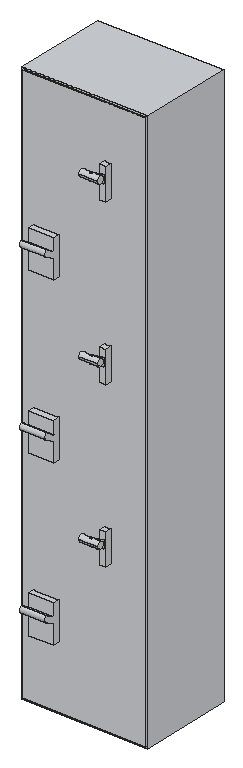
Revit family "a177418ecd074a958560db42984f9a09", category Electrical Equipment, Revit 2021
Family settings
  Round Connector Dimension = Use Diameter
  Part Type = Switchboard
  OmniClass Number = 23.80.30.11.17
  OmniClass Title = Distribution Boards and Control Panels
  Seek Item ID = Modular Motor Control Centers - Circuit Breaker Section-0000-USA-ENU
  Work Plane-Based = No
  Always vertical = Yes
  Cut with Voids When Loaded = No
  Shared = No
  Room Calculation Point = No
Parameters (values of type "20"X15"")
  Switch Voltage = 480 V
  Switch Material = none
  built-in parameter 1140142 [instance] = -1
  Number of Poles = 3
  built-in parameter 1155150 [instance] = 3
  MCC Width = Cabinet Width + 0' 4"  # 1' - 7"
  MCC Material = none
  built-in parameter 1140140 [instance] = 1 (stored number, unit not read)
  Load Classification = HVAC
  Half Length = Cabinet Length / 2  # 0' - 10"
  built-in parameter 1155100 [instance] = -1
  built-in parameter 1140083 [instance] = "Type 12"
  Default Elevation = 0' - 0"
  built-in parameter 1140087 [instance] = element -7000011
  Cabinet Width = 1' - 3"
  Cabinet Length = 1' - 8"
Types (4): name | MCC Width | Half Length | Cabinet Width | Cabinet Length
  (no name) | 1' - 7" | 0' - 10" | 1' - 3" | 1' - 8"
  20"X15" | 1' - 7" | 0' - 10" | 1' - 3" | 1' - 8"
  20"X20" | 2' - 0" | 0' - 10" | 1' - 8" | 1' - 8"
  24"X20" | 2' - 0" | 1' - 0" | 1' - 8" | 2' - 0"
Reference planes (in)
  plane 1 "Center (Front/Back)": y = 0
  plane 2: z = 0
  plane 3 "Center (Left/Right)": x = 0
  plane 4: y = -19
  plane 5: x = -10
  plane 6: x = 10
  plane 7: y = -15
  plane 8: z = 90
  plane 9: y = -15.125
  plane 10: x = -9.75
  plane 11: x = 9.75
  plane 12: z = 89.75
  plane 13: z = 0.25
  plane 14: x = -8
  plane 15: x = -4
  plane 16: y = -17.125
  plane 17: y = -17.625
  plane 18: z = 81.25
  plane 19: z = 76.25
  plane 20: x = -6
  plane 21: z = 78.25
  plane 22: x = 3.75
  plane 23: x = 3.25
  plane 24: x = 4.25
  plane 25: x = 3.625
  plane 26: x = 3.875
  plane 27: x = 2.25
  plane 28: x = 5.25
  plane 29: y = -16.125
  plane 30: z = 79.98919
  plane 31: z = 78.75
  plane 32: y = -18.5
  plane 33: y = -7.5
  plane 34: z = 80.7408
  plane 35: z = 62.25
  plane 36: z = 68.25
  plane 37: z = 65.25
  plane 38: z = 55.25
  plane 39: z = 50.25
  plane 40: z = 36.25
  plane 41: z = 42.25
  plane 42: z = 29.25
  plane 43: z = 24.25
  plane 44: z = 10.25
  plane 45: z = 16.25
  plane 46: z = 54.7408
  plane 47: z = 28.7408
Forms (in)
  Extrusion 1, solid, material <- "MCC Material"
    sketch origin (0, 0, 0) x (1, 0, 0) y (0, 1, 0)
      loop
        line (-10, -15) -> (10, -15) -> (10, 0) -> (-10, 0) -> (-10, -15)
    from 90 to 0
  Extrusion 2, solid, material <- "MCC Material", detail levels fine
    sketch origin (0, 0, 0) x (1, 0, 0) y (0, 1, 0)
      loop
        line (-9.75, -15.125) -> (9.75, -15.125) -> (9.75, -15) -> (-9.75, -15) -> (-9.75, -15.125)
    from 0.25 to 89.75
  Extrusion 3, solid, material <- "Switch Material", detail levels fine
    sketch origin (0, 0, 0) x (1, 0, 0) y (0, 0, 1)
      loop
        line (3.25, 76.25) -> (4.25, 76.25) -> (4.25, 81.25) -> (3.25, 81.25) -> (3.25, 76.25)
    from 16.125 to 15.125
  Extrusion 4, solid, material <- "Switch Material", detail levels fine
    sketch origin (0, 0, 0) x (0, 1, 0) y (0, 0, 1)
      loop
        line (-16.125, 79.98919) -> (-18.5, 81.3604) -> (-18.5, 80.12121) -> (-16.125, 78.75) -> (-16.125, 79.98919)
    from 3.875 to 3.625
  Extrusion 5, solid, material <- "Switch Material", detail levels fine
    sketch origin (0, 0, 0) x (0, 1, 0) y (0, 0, 1)
      loop
        circle (-18.5, 80.7408) r 0.5
    from 2.25 to 5.25
  Extrusion 6, solid, material <- "Switch Material", detail levels fine
    sketch origin (0, 0, -26) x (1, 0, 0) y (0, 0, 1)
      loop
        line (3.25, 76.25) -> (4.25, 76.25) -> (4.25, 81.25) -> (3.25, 81.25) -> (3.25, 76.25)
    from 16.125 to 15.125
  Extrusion 7, solid, material <- "Switch Material", detail levels fine
    sketch origin (0, 0, -26.0625) x (0, 1, 0) y (0, 0, 1)
      loop
        line (-16.125, 79.98919) -> (-18.5, 81.3604) -> (-18.5, 80.12121) -> (-16.125, 78.75) -> (-16.125, 79.98919)
    from 3.875 to 3.625
  Extrusion 8, solid, material <- "Switch Material", detail levels fine
    sketch origin (0, 0, -26) x (0, 1, 0) y (0, 0, 1)
      loop
        circle (-18.5, 80.7408) r 0.5
    from 2.25 to 5.25
  Extrusion 9, solid, material <- "Switch Material", detail levels fine
    sketch origin (0, 0, -52) x (1, 0, 0) y (0, 0, 1)
      loop
        line (3.25, 76.25) -> (4.25, 76.25) -> (4.25, 81.25) -> (3.25, 81.25) -> (3.25, 76.25)
    from 16.125 to 15.125
  Extrusion 10, solid, material <- "Switch Material", detail levels fine
    sketch origin (0, 0, -52) x (0, 1, 0) y (0, 0, 1)
      loop
        line (-16.125, 79.98919) -> (-18.5, 81.3604) -> (-18.5, 80.12121) -> (-16.125, 78.75) -> (-16.125, 79.98919)
    from 3.875 to 3.625
  Extrusion 11, solid, material <- "Switch Material", detail levels fine
    sketch origin (0, 0, -52) x (0, 1, 0) y (0, 0, 1)
      loop
        circle (-18.5, 80.7408) r 0.5
    from 2.25 to 5.25
  Extrusion 12, solid, material <- "Switch Material", detail levels fine
    sketch origin (0, 0, 0) x (0, 1, 0) y (0, 0, 1)
      loop
        line (-15.125, 62.25) -> (-15.125, 68.25) -> (-16.125, 68.25) -> (-16.125, 66.25) -> (-17.625, 67.11603)
        arc (-17.625, 67.11603) -> (-17.91368, 66.61603) -> (-17.625, 66.11603) r 0.57735
        line (-17.625, 66.11603) -> (-16.125, 65.25) -> (-16.125, 62.25) -> (-15.125, 62.25)
    from -8 to -4
  Extrusion 13, solid, material <- "Switch Material", detail levels fine
    sketch origin (0, 0, -26) x (0, 1, 0) y (0, 0, 1)
      loop
        line (-15.125, 62.25) -> (-15.125, 68.25) -> (-16.125, 68.25) -> (-16.125, 66.25) -> (-17.625, 67.11603)
        arc (-17.625, 67.11603) -> (-17.91368, 66.61603) -> (-17.625, 66.11603) r 0.57735
        line (-17.625, 66.11603) -> (-16.125, 65.25) -> (-16.125, 62.25) -> (-15.125, 62.25)
    from -8 to -4
  Extrusion 14, solid, material <- "Switch Material", detail levels fine
    sketch origin (0, 0, -52) x (0, 1, 0) y (0, 0, 1)
      loop
        line (-15.125, 62.25) -> (-15.125, 68.25) -> (-16.125, 68.25) -> (-16.125, 66.25) -> (-17.625, 67.11603)
        arc (-17.625, 67.11603) -> (-17.91368, 66.61603) -> (-17.625, 66.11603) r 0.57735
        line (-17.625, 66.11603) -> (-16.125, 65.25) -> (-16.125, 62.25) -> (-15.125, 62.25)
    from -8 to -4
Cuts and joins
  joined: Extrusion 3, Extrusion 4, Extrusion 5
  joined: Extrusion 6, Extrusion 7, Extrusion 8
  joined: Extrusion 9, Extrusion 10, Extrusion 11
Lines and regions (in)
  model lines, detail levels fine
    curve 1: line (-9.75, -15.125, 84.25) -> (9.75, -15.125, 84.25)
    curve 2: line (6.5, -15.125, 83.75) -> (6.5, -15.125, 6.25)
    curve 3: line (6, -15.125, 83.75) -> (6, -15.125, 6.25)
    curve 4: line (-9.75, -15.125, 83.75) -> (6, -15.125, 83.75)
    curve 5: line (-9.75, -15.125, 58.25) -> (6, -15.125, 58.25)
    curve 6: line (-9.75, -15.125, 57.75) -> (6, -15.125, 57.75)
    curve 7: line (-9.75, -15.125, 32.25) -> (6, -15.125, 32.25)
    curve 8: line (-9.75, -15.125, 31.75) -> (6, -15.125, 31.75)
    curve 9: line (-9.75, -15.125, 6.25) -> (6, -15.125, 6.25)
    curve 10: line (-9.75, -15.125, 5.75) -> (9.75, -15.125, 5.75)
    curve 11: line (6.5, -15.125, 83.75) -> (9.75, -15.125, 83.75)
    curve 12: line (6.5, -15.125, 6.25) -> (9.75, -15.125, 6.25)
Dimensions and locks (in)
  "MCC Width": plane 4 to plane 1 "Center (Front/Back)"
  "Half Length": plane 5 to plane 3 "Center (Left/Right)"
  "Half Length": plane 6 to plane 3 "Center (Left/Right)"
  locked: plane 7 to plane 4 at 4
  locked: plane 8 to plane 2 at 90
  locked: plane 9 to plane 4 at 3.875
  locked: plane 5 to plane 10 at 0.25
  locked: plane 11 to plane 6 at 0.25
  locked: plane 8 to plane 12 at 0.25
  locked: plane 13 to plane 2 at 0.25
  locked: curve 2 to plane 6 at 3.5
  locked: curve 3 to curve 2 at 0.5
  locked: plane 5 to plane 14 at 2
  locked: plane 9 to plane 16 at 2
  locked: plane 16 to plane 17 at 0.5
  locked: plane 18 to plane 19 at 5
  equal spacing: plane 15, plane 20, plane 14
  locked: plane 22 to plane 6 at 6.25
  plane 23 to plane 22 to plane 24 = 0' - 0 1/2" locked, 0' - 0 1/2" locked
  plane 25 to plane 22 to plane 26 = 0' - 0 1/8" locked, 0' - 0 1/8" locked
  locked: plane 27 to plane 22 at 1.5
  locked: plane 22 to plane 28 at 1.5
  locked: plane 9 to plane 29 at 1
  locked: plane 18 to plane 30 at 1.26081
  locked: plane 31 to plane 19 at 2.5
  locked: plane 32 to plane 4 at 0.5
  equal spacing: plane 7, plane 33, plane 1 "Center (Front/Back)"
  locked: connector elem to plane 6 at 2
  locked: connector elem to plane 33
  locked: plane 8 to plane 18 at 8.75
  locked: plane 19 to plane 35 at 14
  locked: plane 36 to plane 35 at 6
  locked: plane 14 to plane 15 at 4
  locked: plane 38 to plane 39 at 5
  locked: plane 39 to plane 40 at 14
  locked: plane 41 to plane 40 at 6
  locked: plane 18 to plane 38 at 26
  locked: plane 42 to plane 43 at 5
  locked: plane 43 to plane 44 at 14
  locked: plane 45 to plane 44 at 6
  locked: plane 38 to plane 42 at 26
  locked: plane 21 to cut or joined group of Extrusion 3, Extrusion 4, Extrusion 5 (angle 30.00°)  (x2)
  locked: plane 39 to cut or joined group of Extrusion 6, Extrusion 7, Extrusion 8 (angle 30.00°)  (x2)
  locked: plane 43 to cut or joined group of Extrusion 9, Extrusion 10, Extrusion 11 (angle 30.00°)  (x2)
  aligned and locked: plane 5 to Extrusion 1 sketch curve
  aligned and locked: Extrusion 1 sketch curve to plane 7
  aligned and locked: plane 1 "Center (Front/Back)" to Extrusion 1 sketch curve
  aligned and locked: plane 6 to Extrusion 1 sketch curve
  aligned and locked: plane 8 to Extrusion 1
  aligned and locked: Extrusion 1 to plane 2
  aligned and locked: plane 10 to Extrusion 2 sketch curve
  aligned and locked: Extrusion 2 sketch curve to plane 9
  aligned and locked: plane 7 to Extrusion 2 sketch curve
  aligned and locked: plane 11 to Extrusion 2 sketch curve
  aligned and locked: Extrusion 2 to plane 13
  aligned and locked: plane 12 to Extrusion 2
  aligned and locked: plane 10 to curve 1
  aligned and locked: plane 11 to curve 1
  aligned and locked: plane 11 to curve 12
  aligned and locked: plane 23 to Extrusion 3 sketch curve
  aligned and locked: Extrusion 3 sketch curve to plane 19
  aligned and locked: plane 18 to Extrusion 3 sketch curve
  aligned and locked: plane 24 to Extrusion 3 sketch curve
  aligned and locked: Extrusion 3 to plane 9
  aligned and locked: plane 29 to Extrusion 3
  aligned and locked: plane 25 to Extrusion 4
  aligned and locked: plane 26 to Extrusion 4
  aligned and locked: plane 29 to cut or joined group of Extrusion 3, Extrusion 4, Extrusion 5  (x2)
  aligned and locked: plane 18 to cut or joined group of Extrusion 3, Extrusion 4, Extrusion 5
  aligned and locked: cut or joined group of Extrusion 3, Extrusion 4, Extrusion 5 to plane 19
  aligned and locked: Extrusion 4 sketch curve to Extrusion 4 sketch curve
  aligned and locked: plane 29 to Extrusion 4 sketch curve
  aligned and locked: plane 32 to Extrusion 4 sketch curve
  aligned and locked: plane 34 to Extrusion 5 sketch curve
  aligned and locked: plane 32 to Extrusion 5 sketch curve
  aligned and locked: plane 28 to cut or joined group of Extrusion 3, Extrusion 4, Extrusion 5
  aligned and locked: cut or joined group of Extrusion 3, Extrusion 4, Extrusion 5 to plane 27
  aligned and locked: Extrusion 7 sketch curve to Extrusion 7 sketch curve
  aligned and locked: Extrusion 10 sketch curve to Extrusion 10 sketch curve
  aligned and locked: plane 17 to Extrusion 12 sketch curve  (x2)
  aligned and locked: plane 29 to Extrusion 12 sketch curve  (x2)
  aligned and locked: Extrusion 12 sketch curve to plane 36
  aligned and locked: plane 35 to Extrusion 12 sketch curve
  aligned and locked: Extrusion 12 sketch curve to plane 9
  aligned and locked: Extrusion 12 to plane 14
  aligned and locked: plane 15 to Extrusion 12
  aligned and locked: Extrusion 13 to plane 14
  aligned and locked: plane 15 to Extrusion 13
  aligned and locked: Extrusion 14 to plane 14
  aligned and locked: plane 15 to Extrusion 14
  aligned and locked: cut or joined group of Extrusion 3, Extrusion 4, Extrusion 5 to plane 29
  aligned and locked: plane 29 to Extrusion 6
  aligned and locked: plane 29 to Extrusion 9
  aligned and locked: Extrusion 7 to plane 29
  aligned and locked: Extrusion 10 to plane 29
  aligned and locked: Extrusion 6 to plane 23
  aligned and locked: plane 24 to Extrusion 6
  aligned and locked: Extrusion 7 to plane 25
  aligned and locked: plane 26 to Extrusion 7
  aligned and locked: Extrusion 9 to plane 23
  aligned and locked: plane 24 to Extrusion 9
  aligned and locked: Extrusion 10 to plane 25
  aligned and locked: plane 26 to Extrusion 10
  aligned and locked: Extrusion 11 to plane 27
  aligned and locked: plane 28 to Extrusion 11
  aligned and locked: Extrusion 8 to plane 27
  aligned and locked: plane 28 to Extrusion 8
  aligned and locked: plane 9 to Extrusion 9
  aligned and locked: plane 9 to Extrusion 6
  aligned and locked: plane 32 to Extrusion 11 sketch curve
  aligned and locked: plane 32 to Extrusion 8 sketch curve
  aligned and locked: plane 38 to cut or joined group of Extrusion 6, Extrusion 7, Extrusion 8
  aligned and locked: cut or joined group of Extrusion 6, Extrusion 7, Extrusion 8 to plane 39
  aligned and locked: plane 41 to Extrusion 13
  aligned and locked: Extrusion 13 to plane 40
  aligned and locked: plane 42 to cut or joined group of Extrusion 9, Extrusion 10, Extrusion 11
  aligned and locked: cut or joined group of Extrusion 9, Extrusion 10, Extrusion 11 to plane 43
  aligned and locked: plane 45 to Extrusion 14
  aligned and locked: Extrusion 14 to plane 44
  aligned and locked: plane 9 to Extrusion 14
  aligned and locked: plane 9 to Extrusion 13
  aligned and locked: plane 46 to Extrusion 8 sketch curve
  aligned and locked: plane 47 to Extrusion 11 sketch curve
Automatic sketch dimensions
  Extrusion 12 sketch curve to plane 37 = 0' - 0"
  Extrusion 12 sketch curve to plane 16 = 0' - 0.21132"
  plane 37 to Extrusion 12 sketch curve = 0' - 0.86603"
  Extrusion 12 sketch curve to Extrusion 12 sketch curve = 0' - 1"
  Extrusion 12 sketch curve to Extrusion 12 sketch curve = 0' - 0 1/2"
  curve 10 to Extrusion 2 = 0' - 0"  (x2)
  curve 9 to Extrusion 2 = 0' - 0"
  curve 8 to Extrusion 2 = 0' - 0"
  curve 7 to Extrusion 2 = 0' - 0"
  curve 6 to Extrusion 2 = 0' - 0"
  curve 4 to Extrusion 2 = 0' - 0"
  curve 5 to Extrusion 2 = 0' - 0"
  curve 11 to Extrusion 2 = 0' - 0"
  Extrusion 2 to curve 10 = 0' - 5 1/2"
  curve 10 to curve 2 = 0' - 0 1/2"
  curve 3 to curve 2 = 0' - 0"
  curve 9 to curve 8 = 2' - 1 1/2"
  curve 8 to curve 7 = 0' - 0 1/2"
  curve 7 to curve 6 = 2' - 1 1/2"
  curve 6 to curve 5 = 0' - 0 1/2"
  Extrusion 2 to curve 4 = 0' - 6"
  curve 2 to curve 3 = 0' - 0"
  curve 4 to curve 1 = 0' - 0 1/2"
  Extrusion 4 sketch curve to plane 31 = 0' - 0"
  Extrusion 4 sketch curve to plane 30 = 0' - 0"
  plane 30 to Extrusion 4 sketch curve = 0' - 0.13201"
  plane 18 to Extrusion 4 sketch curve = 0' - 0.1104"
  Extrusion 6 sketch curve to plane 23 = 0' - 0"
  Extrusion 6 sketch curve to plane 24 = 0' - 0"
  Extrusion 6 sketch curve to plane 39 = 0' - 0"
  Extrusion 6 sketch curve to plane 38 = 0' - 0"
  Extrusion 7 sketch curve to plane 32 = 0' - 0"
  Extrusion 7 sketch curve to plane 29 = 0' - 0"
  Extrusion 7 sketch curve to plane 38 = 0' - 2 9/16"
  Extrusion 7 sketch curve to Extrusion 7 sketch curve = 0' - 1.23919"
  Extrusion 7 sketch curve to plane 38 = 0' - 1.19129"
  plane 38 to Extrusion 7 sketch curve = 0' - 0.0479"
  Extrusion 9 sketch curve to plane 23 = 0' - 0"
  Extrusion 9 sketch curve to plane 24 = 0' - 0"
  Extrusion 9 sketch curve to plane 43 = 0' - 0"
  Extrusion 9 sketch curve to plane 42 = 0' - 0"
  Extrusion 10 sketch curve to plane 32 = 0' - 0"
  Extrusion 10 sketch curve to plane 29 = 0' - 0"
  Extrusion 10 sketch curve to plane 42 = 0' - 2 1/2"
  Extrusion 10 sketch curve to Extrusion 10 sketch curve = 0' - 1.23919"
  Extrusion 10 sketch curve to plane 42 = 0' - 1.12879"
  plane 42 to Extrusion 10 sketch curve = 0' - 0.1104"
  Extrusion 13 sketch curve to plane 17 = 0' - 0"  (x2)
  Extrusion 13 sketch curve to plane 29 = 0' - 0"  (x2)
  plane 9 to Extrusion 13 sketch curve = 0' - 0"
  Extrusion 13 sketch curve to plane 40 = 0' - 0"
  Extrusion 13 sketch curve to plane 41 = 0' - 0"
  Extrusion 13 sketch curve to plane 16 = 0' - 0.21132"
  Extrusion 13 sketch curve to Extrusion 13 sketch curve = 0' - 3"
  Extrusion 13 sketch curve to Extrusion 13 sketch curve = 0' - 0.86603"
  Extrusion 13 sketch curve to Extrusion 13 sketch curve = 0' - 1"
  Extrusion 13 sketch curve to Extrusion 13 sketch curve = 0' - 0 1/2"
  Extrusion 14 sketch curve to plane 17 = 0' - 0"  (x2)
  Extrusion 14 sketch curve to plane 29 = 0' - 0"  (x2)
  plane 9 to Extrusion 14 sketch curve = 0' - 0"
  Extrusion 14 sketch curve to plane 44 = 0' - 0"
  Extrusion 14 sketch curve to plane 45 = 0' - 0"
  Extrusion 14 sketch curve to plane 16 = 0' - 0.21132"
  Extrusion 14 sketch curve to Extrusion 14 sketch curve = 0' - 3"
  Extrusion 14 sketch curve to Extrusion 14 sketch curve = 0' - 0.86603"
  Extrusion 14 sketch curve to Extrusion 14 sketch curve = 0' - 1"
  Extrusion 14 sketch curve to Extrusion 14 sketch curve = 0' - 0 1/2"
  radius of Extrusion 5 sketch curve = 0' - 0 1/2"
  radius of Extrusion 8 sketch curve = 0' - 0 1/2"
  radius of Extrusion 11 sketch curve = 0' - 0 1/2"
Connectors (in)
  electrical at (8, -7.5, 90), driven by "Number of Poles", driven by "Switch Voltage", driven by "Load Classification"
    settings: on plane 8, index 1, voltage 480 V, apparent load 0 VA, apparent load phase1 0 VA, apparent load phase2 0 VA, apparent load phase3 0 VA, power factor 0.8, load classification "HVAC", number of poles 3, system type 31, power factor state 1, is connector primary yes, connector utility no, sub classification motor no, connector description ""
  cabletrayconduit at (0, -7.5, 90), diameter 24
    settings: on Extrusion 1, index 2, connector width 1' - 0", connector height 1' - 0", connector angle 0.00°, system type 32, placement type 1, profile type 0, connector reference index -1, is primary connector yes, connector utility param no, connector description ""
  cabletrayconduit at (-10, -7.5, 45), diameter 24
    settings: on Extrusion 1, index 3, connector width 1' - 0", connector height 1' - 0", connector angle 0.00°, system type 32, placement type 1, profile type 0, connector reference index -1, is primary connector no, connector utility param no, connector description ""
  cabletrayconduit at (10, -7.5, 45), diameter 24
    settings: on Extrusion 1, index 4, connector width 1' - 0", connector height 1' - 0", connector angle 0.00°, system type 32, placement type 1, profile type 0, connector reference index -1, is primary connector no, connector utility param no, connector description ""
  cabletrayconduit at (0, 0, 45), diameter 24
    settings: on Extrusion 1, index 5, connector width 1' - 0", connector height 1' - 0", connector angle 0.00°, system type 32, placement type 1, profile type 0, connector reference index -1, is primary connector no, connector utility param no, connector description ""
  cabletrayconduit at (0, -7.5, 0), diameter 24
    settings: on Extrusion 1, index 6, connector width 1' - 0", connector height 1' - 0", connector angle 0.00°, system type 32, placement type 1, profile type 0, connector reference index -1, is primary connector no, connector utility param no, connector description ""
